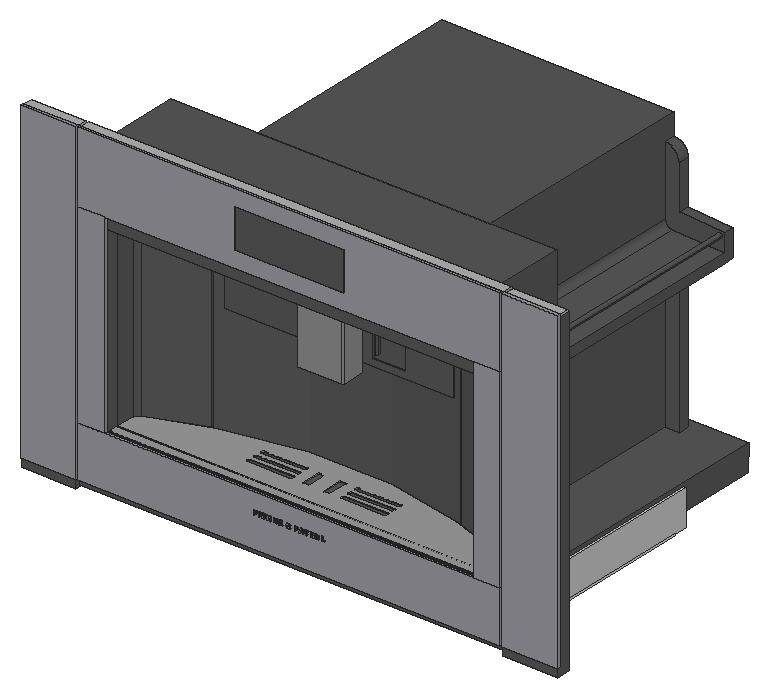
Revit family "gapped-FP-Revit20-en-EB60_BuiltInCoffeeMaker-incl-76cmTrimKits-0-9000xxxxA-NZ-AU", category Specialty Equipment, Revit 2020
Family settings
  Round Connector Dimension = Use Diameter
  Part Type = Normal
  OmniClass Number = 23.40.40.14.17.31
  OmniClass Title = Small Specialized Cooking Equipment
  Work Plane-Based = No
  Always vertical = Yes
  Cut with Voids When Loaded = Yes
  Shared = No
  Room Calculation Point = No
Parameters (values of type "EB60MSG3 with TK7630NMG3 Trim Kit")
  Visibility - Trim Kit = yes
  Visibility - Clearance Required = yes
  Visibility - 2 x 1mm thick spacers = yes
  URL = "www.fisherpaykel.com"
  Type Comments = "Minimal Grey"
  Style - Trims = 30in-76cm Coffee Trims : Coffee Trim Minimal (Grey)
  Style - Front = 30in-76cm Coffee Fronts : Coffee Front Minimal (Grey)
  Opening - Width = 762 mm
  Opening - Height = 460 mm  # constant formula
  Opening - Depth = 20 mm
  Model = "EB60MSG3 with TK7630NMG3 Trim Kit"
  Material - Front = Fisher & Paykel - Glass, Grey
  Manufacturer = "Fisher & Paykel Appliances"
  Gap Lower - Height = 9 mm
  Description = "30in Built-In Coffee Maker"
  Default Elevation = 0 mm
  Connector Description - Electrical = "220-240 V, 50 Hz, 10 A Service"  # constant formula
  Cavity - Width = 560 mm  # constant formula
  Cavity - Height = 450 mm  # constant formula
  Cavity - Depth = 550 mm  # constant formula
Reference planes
  plane 1 "Center (Front/Back)": y = 0
  plane 2: z = 0
  plane 3 "Center (Left/Right)": x = 0
  plane 4 "Opening - Height": z = 460
  plane 5 "Product - Height": z = 458
  plane 6 "Opening - LHS": x = -381
  plane 7 "Opening - RHS": x = 381
  plane 8 "Cavity LHS": x = -280
  plane 9 "Cavity RHS": x = 280
  plane 10 "Cavity - Depth": y = 550
  plane 11 "Front": y = -20
  plane 12 "Slides": z = 2
  plane 13 "Cavity - Height": z = 450
  plane 14 "Product - LHS": x = -379
  plane 15 "Product - RHS": x = 379
Forms (mm)
  Extrusion 1, solid, material "Fisher & Paykel - Clearance Required", visible <- "Visibility - Clearance Required", detail levels coarse
    sketch origin (0, 0, 0) x (1, 0, 0) y (0, 1, 0)
      loop
        line (-280, 0) -> (280, 0) -> (280, 550) -> (-280, 550) -> (-280, 0)
    from 0 to 450
  Extrusion 2, void
    sketch origin (0, 0, 0) x (1, 0, 0) y (0, 1, 0)
      loop
        line (-280, 550) -> (-280, 0) -> (280, 0) -> (280, 550) -> (-280, 550)
    from 0 to 450
  Extrusion 3, solid, material "Fisher & Paykel - Clearance Required", visible <- "Visibility - Clearance Required", detail levels coarse
    sketch origin (0, 0, 0) x (1, 0, 0) y (0, 1, 0)
      loop
        line (-381, 0) -> (-381, -20) -> (-299, -20) -> (-299, -440) -> (299, -440) -> (299, -20) -> (381, -20) -> (381, 0) -> (-381, 0)
    from 0 to 460
  Extrusion 4, void
    sketch origin (0, 0, 0) x (1, 0, 0) y (0, 1, 0)
      loop
        line (-381, 0) -> (-381, -20) -> (381, -20) -> (381, 0) -> (-381, 0)
    from 0 to 460
  Extrusion 5, solid, visible <- "Visibility - 2 x 1mm thick spacers"
    sketch origin (0, 0, 0) x (1, 0, 0) y (0, 1, 0)
      loop
        line (-245, 309.699) -> (-280, 309.699) -> (-280, 4.699) -> (-245, 4.699) -> (-245, 309.699)
      loop
        line (245, 309.699) -> (245, 4.699) -> (280, 4.699) -> (280, 309.699) -> (245, 309.699)
    from 0 to 2
Text (mm)
  text "Due to ongoing product development, product details are subject to change without notice. \nPlease always refer to www.fisherpaykel.com for the most current product information. \n© Fisher & Paykel 2020" at (41.04, -248.295, 0), in view "Ref. Level (Plan)"
Dimensions and locks
  equal spacing: plane 6 "Opening - LHS", plane 3 "Center (Left/Right)", plane 7 "Opening - RHS"
  "Opening - Width": plane 6 "Opening - LHS" to plane 7 "Opening - RHS"
  equal spacing: plane 8 "Cavity LHS", plane 3 "Center (Left/Right)", plane 9 "Cavity RHS"
  "Cavity - Width": plane 8 "Cavity LHS" to plane 9 "Cavity RHS"
  "Cavity - Depth": plane 10 "Cavity - Depth" to plane 1 "Center (Front/Back)"
  "Opening - Depth": plane 11 "Front" to plane 1 "Center (Front/Back)"
  "Cavity - Height": level to plane 13 "Cavity - Height"
  "Opening - Height": plane 4 "Opening - Height" to level
  locked: Extrusion 3 to plane 11 "Front" at 420
  aligned and locked: level to plane 2
  aligned and locked: Extrusion 1 to Extrusion 2
  aligned and locked: Extrusion 2 to plane 13 "Cavity - Height"
  aligned and locked: nested 1 to plane 1 "Center (Front/Back)"
  aligned and locked: plane 3 "Center (Left/Right)" to nested 2
  aligned and locked: plane 11 "Front" to nested 2
  aligned and locked: plane 1 "Center (Front/Back)" to Extrusion 3 sketch curve
  aligned and locked: plane 1 "Center (Front/Back)" to Extrusion 4 sketch curve
  aligned and locked: plane 11 "Front" to Extrusion 4 sketch curve
  aligned and locked: plane 3 "Center (Left/Right)" to nested 3
  aligned and locked: Extrusion 2 to plane 9 "Cavity RHS"
  aligned and locked: Extrusion 1 to plane 9 "Cavity RHS"
  aligned and locked: Extrusion 1 to plane 8 "Cavity LHS"
  aligned and locked: Extrusion 2 to plane 8 "Cavity LHS"
  aligned and locked: plane 11 "Front" to nested 3
  aligned and locked: plane 6 "Opening - LHS" to Extrusion 4
  aligned and locked: Extrusion 4 to plane 7 "Opening - RHS"
  aligned and locked: Extrusion 3 sketch curve to plane 6 "Opening - LHS"
  aligned and locked: plane 11 "Front" to Extrusion 3 sketch curve  (x2)
  aligned and locked: plane 7 "Opening - RHS" to Extrusion 3 sketch curve
  aligned and locked: Extrusion 5 to plane 12 "Slides"
  aligned and locked: Extrusion 5 to level
Automatic sketch dimensions
  Extrusion 1 sketch curve to plane 10 "Cavity - Depth" = 0 mm
  plane 1 "Center (Front/Back)" to Extrusion 1 sketch curve = 0 mm
  Extrusion 1 sketch curve to plane 6 "Opening - LHS" = 101 mm
  plane 7 "Opening - RHS" to Extrusion 1 sketch curve = 101 mm
  plane 1 "Center (Front/Back)" to Extrusion 2 sketch curve = 0 mm
  Extrusion 2 sketch curve to plane 10 "Cavity - Depth" = 0 mm
  Extrusion 2 sketch curve to plane 6 "Opening - LHS" = 101 mm
  plane 7 "Opening - RHS" to Extrusion 2 sketch curve = 101 mm
  Extrusion 4 sketch curve to plane 9 "Cavity RHS" = 101 mm
  plane 8 "Cavity LHS" to Extrusion 4 sketch curve = 101 mm
  Extrusion 3 sketch curve to plane 11 "Front" = 420 mm
  Extrusion 5 sketch curve to plane 8 "Cavity LHS" = 0 mm
  Extrusion 5 sketch curve to plane 9 "Cavity RHS" = 0 mm
  Extrusion 5 sketch curve to plane 1 "Center (Front/Back)" = 4.699 mm  (x2)
  Extrusion 5 sketch curve to plane 8 "Cavity LHS" = 35 mm
  Extrusion 5 sketch curve to Extrusion 5 sketch curve = 35 mm
  Extrusion 5 sketch curve to plane 10 "Cavity - Depth" = 240.301 mm  (x2)
  plane 8 "Cavity LHS" to Extrusion 3 sketch curve = 19 mm
  Extrusion 3 sketch curve to plane 9 "Cavity RHS" = 19 mm
Nested families
  nested 1: "Coffee Chassis" at (0, -16, 0), type "Chassis Black"
  nested 2: "30in-76cm Coffee Fronts" at (0, 0, 0), type <- "Style - Front", type "Coffee Front Minimal (Grey)"
  nested 3: "30in-76cm Coffee Trims" at (0, 0, 0), type <- "Style - Trims", visible <- "Visibility - Trim Kit", type "Coffee Trim Minimal (Grey)"
Connectors
  electrical at (-101.254, 440, 186.022), driven by "Connector Description - Electrical"
    settings: on nested 1, index 1, voltage 240 V, apparent load 0 VA, apparent load phase1 0 VA, apparent load phase2 0 VA, apparent load phase3 0 VA, power factor 1, load classification "Other", number of poles 1, system type 30, power factor state 1, is connector primary yes, connector utility no, sub classification motor no, connector description "220-240 V, 50 Hz, 10 A Service"
Definition of nested family "Coffee Chassis"
  Parameters (values of type "Chassis Black")
    URL = "www.fisherpaykel.com"
    Product - Width = 596 mm  # constant formula
    Product - Height = 454 mm  # constant formula
    Product - Depth = 476 mm  # constant formula
    Model = ""
    Material - Trim = none
    Material - Tray = none
    Material - Slides = none
    Material - Body = none
    Manufacturer = "Fisher & Paykel Appliances"
    Description = ""
    Default Elevation = 0 mm
    Control Panel - Depth = 20 mm  # constant formula
    Chassis - Width = 560 mm  # constant formula
    Chassis - Height = 445 mm  # constant formula
    Chassis - Depth = 460 mm  # constant formula
  Reference planes
    plane 1 "Front": y = 0
    plane 2: z = 0
    plane 3 "Center (Left/Right)": x = 0
    plane 4 "Product LHS": x = -298
    plane 5 "Product RHS": x = 298
    plane 6 "Product Depth": y = 476
    plane 7 "Slides": z = 2
    plane 8 "Chassis - Height": z = 445
    plane 9 "Mouth - Top": z = 341
    plane 10 "Mouth - Bottom": z = 85
    plane 11 "Chassis LHS": x = -280
    plane 12 "Chassis RHS": x = 280
    plane 13 "Datum": y = 16
    plane 14 "Product - Height": z = 454
    plane 15 "Base": z = 14.93
    plane 16 "Gap - Bottom": z = 5
  Forms (mm)
    Extrusion 1, solid, material <- "Material - Body"
      sketch origin (0, 0, 0) x (0, 1, 0) y (0, 0, 1)
        loop
          line (128.374, 53.16) -> (128.374, 445) -> (16, 445) -> (16, 14.93) -> (465.804, 14.93) -> (465.804, 53.16) -> (128.374, 53.16)
      from -272 to 271.988
    Extrusion 2, solid, material <- "Material - Body", detail levels fine
      sketch origin (0, 0, 915) x (1, 0, 0) y (0, 0, 1)
        loop
          circle (255.488, -592.902) r 3
        loop
          arc (187.563, -609.055) -> (180.786, -606.262) -> (177.977, -599.491) r 9.564
          line (177.977, -599.491) -> (177.977, -470) -> (-150, -470) -> (-150, -598.732)
          arc (-150, -598.732) -> (-152.821, -605.693) -> (-159.691, -608.727) r 10
          line (-159.691, -608.727) -> (-262.013, -611.888) -> (-262.013, -626.018) -> (-159.512, -631.025)
          arc (-159.512, -631.025) -> (-152.758, -634.117) -> (-150, -641.013) r 10
          line (-150, -641.013) -> (-150, -861.84) -> (177.977, -861.84) -> (177.977, -640.642)
          arc (177.977, -640.642) -> (180.691, -633.793) -> (187.359, -630.661) r 10
          line (187.359, -630.661) -> (261.48, -626.071) -> (261.48, -612.279) -> (187.563, -609.055)
        loop
          circle (-255.488, -591.866) r 3
      from -436.81 to -128.374
    Extrusion 3, solid, material <- "Material - Body", detail levels fine
      sketch origin (0, 0, 0) x (1, 0, 0) y (0, 0, 1)
        loop
          line (261.565, 327.556) -> (197.96, 331.426) -> (197.96, 393.606)
          arc (197.96, 393.606) -> (192.107, 407.736) -> (177.977, 413.589) r 19.983
          line (177.977, 413.589) -> (177.977, 445) -> (-150, 445) -> (-150, 413.178)
          arc (-150, 413.178) -> (-164.13, 407.325) -> (-169.983, 393.195) r 19.983
          line (-169.983, 393.195) -> (-169.983, 331.879) -> (-262.057, 328.011) -> (-262.057, 288.985) -> (-170, 284.487) -> (-170, 53.16) -> (197.977, 53.16) -> (197.977, 286.156) -> (261.565, 288.933) -> (261.565, 327.556)
      from -452.248 to -436.81
    Extrusion 4, void
      sketch origin (0, 0, 0) x (1, 0, 0) y (0, 1, 0)
        loop
          line (-260.211, 0) -> (260.211, 0) -> (258.097, 43.307)
          arc (258.097, 43.307) -> (256.532, 47.844) -> (252.912, 50.994) r 9.287
          arc (252.912, 50.994) -> (215.2, 66.982) -> (176.484, 80.359) r 600.007
          line (176.484, 80.359) -> (176.484, 87.818) -> (173.853, 87.818) -> (173.853, 81.162)
          arc (173.853, 81.162) -> (0, 106.902) -> (-173.853, 81.162) r 600.007
          line (-173.853, 81.162) -> (-173.853, 87.818) -> (-176.484, 87.818) -> (-176.484, 80.359)
          arc (-176.484, 80.359) -> (-215.2, 66.982) -> (-252.912, 50.994) r 600.007
          arc (-252.912, 50.994) -> (-256.532, 47.844) -> (-258.097, 43.307) r 9.287
          line (-258.097, 43.307) -> (-260.211, 0)
      from 85 to 341
    Extrusion 5, solid, material <- "Material - Body", detail levels fine
      sketch origin (0, 0, 0) x (1, 0, 0) y (0, 1, 0)
        loop
          line (-238.877, 56.473) -> (238.036, 56.473) -> (238.036, 116.01) -> (-238.877, 116.01) -> (-238.877, 56.473)
      from 314 to 341
    Extrusion 6, solid, material <- "Material - Trim", detail levels medium+fine
      sketch origin (0, 0, 0) x (1, 0, 0) y (0, 1, 0)
        loop
          line (-33, 83.529) -> (-33, 52.807)
          arc (-33, 52.807) -> (-32.412, 51.388) -> (-30.993, 50.8) r 2.007
          line (-30.993, 50.8) -> (31, 50.8)
          arc (31, 50.8) -> (32.414, 51.386) -> (33, 52.8) r 2
          line (33, 52.8) -> (33, 83.529) -> (-33, 83.529)
      from 225.543 to 324.588
    Extrusion 7, solid, material <- "Material - Body", detail levels coarse+medium
      sketch origin (0, -20, 915) x (-1, 0, 0) y (0, 0, 1)
        loop
          line (-197.977, -582.445) -> (-261.48, -582.445) -> (-261.48, -628.151) -> (-197.977, -628.151) -> (-197.977, -861.84) -> (170, -861.84) -> (170, -628.151) -> (261.967, -628.151) -> (261.967, -582.445) -> (170, -582.445) -> (170, -470) -> (-197.977, -470) -> (-197.977, -582.445)
      from 148.374 to 472.248
    Extrusion 8, solid, material <- "Material - Slides"
      sketch origin (0, 0, 0) x (1, 0, 0) y (0, 0, 1)
        loop
          line (254.775, 2) -> (280, 2) -> (280, 52.016) -> (277.498, 52.016) -> (277.498, 4.93) -> (259.1, 4.93) -> (259.1, 32.03) -> (235, 32.03) -> (235, 3.438) -> (254.775, 3.438) -> (254.775, 2)
        loop
          line (-254.775, 2) -> (-254.775, 3.539) -> (-235, 3.539) -> (-235, 32.03) -> (-259.1, 32.03) -> (-259.1, 4.93) -> (-277.498, 4.93) -> (-277.498, 52.016) -> (-280, 52.016) -> (-280, 2) -> (-254.775, 2)
      from -345.209 to -18.121
    Extrusion 9, solid, material <- "Material - Tray", detail levels fine
      sketch origin (0, 0, 0) x (1, 0, 0) y (0, 1, 0)
        loop
          line (-260.065, 3) -> (260.065, 3) -> (258.113, 42.974)
          arc (258.113, 42.974) -> (256.505, 47.816) -> (252.624, 51.127) r 9.5
          arc (252.624, 51.127) -> (0.01, 106.902) -> (-252.606, 51.136) r 600.007
          arc (-252.606, 51.136) -> (-256.5, 47.813) -> (-258.114, 42.954) r 9.532
          line (-258.114, 42.954) -> (-260.065, 3)
        loop
          arc (-96.162, 73.7) -> (-99.162, 70.7) -> (-96.162, 67.7) r 3
          line (-96.162, 67.7) -> (-36.788, 67.7)
          arc (-36.788, 67.7) -> (-33.788, 70.7) -> (-36.788, 73.7) r 3
          line (-36.788, 73.7) -> (-96.162, 73.7)
        loop
          arc (-96.162, 61.7) -> (-99.162, 58.7) -> (-96.162, 55.7) r 3
          line (-96.162, 55.7) -> (-36.788, 55.7)
          arc (-36.788, 55.7) -> (-33.788, 58.7) -> (-36.788, 61.7) r 3
          line (-36.788, 61.7) -> (-96.162, 61.7)
        loop
          arc (-96.162, 49.7) -> (-99.162, 46.7) -> (-96.162, 43.7) r 3
          line (-96.162, 43.7) -> (-36.788, 43.7)
          arc (-36.788, 43.7) -> (-33.788, 46.7) -> (-36.788, 49.7) r 3
          line (-36.788, 49.7) -> (-96.162, 49.7)
        loop
          line (-19.49, 73.102) -> (-19.49, 44.102) -> (-10.49, 44.102) -> (-10.49, 73.102) -> (-19.49, 73.102)
        loop
          line (96.162, 73.7) -> (36.788, 73.7)
          arc (36.788, 73.7) -> (33.788, 70.7) -> (36.788, 67.7) r 3
          line (36.788, 67.7) -> (96.162, 67.7)
          arc (96.162, 67.7) -> (99.162, 70.7) -> (96.162, 73.7) r 3
        loop
          line (96.162, 61.7) -> (36.788, 61.7)
          arc (36.788, 61.7) -> (33.788, 58.7) -> (36.788, 55.7) r 3
          line (36.788, 55.7) -> (96.162, 55.7)
          arc (96.162, 55.7) -> (99.162, 58.7) -> (96.162, 61.7) r 3
        loop
          line (96.162, 49.7) -> (36.788, 49.7)
          arc (36.788, 49.7) -> (33.788, 46.7) -> (36.788, 43.7) r 3
          line (36.788, 43.7) -> (96.162, 43.7)
          arc (96.162, 43.7) -> (99.162, 46.7) -> (96.162, 49.7) r 3
        loop
          line (19.49, 73.102) -> (10.49, 73.102) -> (10.49, 44.102) -> (19.49, 44.102) -> (19.49, 73.102)
      from 84.2 to 85.2
    Extrusion 10, solid, material <- "Material - Body"
      sketch origin (0, 0, 0) x (0, 1, 0) y (0, 0, 1)
        loop
          line (465.804, 40.93) -> (465.804, 14.93) -> (476, 14.93) -> (476, 40.93) -> (465.804, 40.93)
      from -56 to 56
    Extrusion 11, solid, material <- "Material - Body"
      sketch origin (0, 0, 0) x (1, 0, 0) y (0, 0, 1)
        loop
          line (-298, 454) -> (-298, 5) -> (298, 5) -> (298, 454) -> (-298, 454)
        loop
          line (-47, 433.93) -> (-47, 380.93) -> (47, 380.93) -> (47, 433.93) -> (-47, 433.93)
      from -16 to 0
    Extrusion 12, solid, material <- "Material - Body"
      sketch origin (0, 0, 0) x (1, 0, 0) y (0, 1, 0)
        loop
          line (-122.901, 460.543) -> (-122.901, 452.248) -> (-79.501, 452.248) -> (-79.501, 460.543) -> (-122.901, 460.543)
      from 214 to 292
    Extrusion 13, solid, material <- "Material - Body", detail levels medium+fine
      sketch origin (0, -0.938, 0) x (1, 0, 0) y (0, 1, 0)
        loop
          circle (-101.254, 456.938) r 3
      from 186.022 to 214
    Extrusion 14, solid, material <- "Material - Body", detail levels fine
      sketch origin (0, 0, 0) x (1, 0, 0) y (0, 0, 1)
        loop
          line (156.598, 369.528) -> (-63.802, 369.528) -> (-63.802, 164.332) -> (156.598, 164.332) -> (156.598, 369.528)
      from -462.6 to -452.248
    Extrusion 15, solid, material <- "Material - Body"
      sketch origin (0, 0, 0) x (1, 0, 0) y (0, 0, 1)
        loop
          circle (-78, 71.181) r 5
        loop
          circle (-78, 71.181) r 3
      from -460 to -452.248
    Extrusion 16, solid, material <- "Material - Body", detail levels fine
      sketch origin (0, 0, 0) x (1, 0, 0) y (0, 0, 1)
        loop
          line (-162.217, 314) -> (-162.217, 239.014) -> (162.217, 239.014) -> (162.217, 314) -> (-162.217, 314)
        loop
          line (48, 302.226) -> (48, 248.46) -> (95, 248.46) -> (95, 302.226) -> (48, 302.226)
        loop
          line (53, 294.726) -> (53, 255.96) -> (56, 255.96) -> (56, 294.726) -> (53, 294.726)
      from -116.01 to -83.529
    Extrusion 17, solid, material <- "Material - Body", detail levels fine
      sketch origin (0, 0, 0) x (-1, 0, 0) y (0, -1, 0)
        loop
          line (245, -320.699) -> (280, -320.699) -> (280, -20.699) -> (245, -20.699) -> (245, -320.699)
      from 0 to 2
    Extrusion 18, solid, material <- "Material - Body", detail levels fine
      sketch origin (0, 0, 0) x (1, 0, 0) y (0, 0, 1)
        loop
          line (48, 302.226) -> (48, 248.46) -> (95, 248.46) -> (95, 302.226) -> (48, 302.226)
      from -116.01 to -86
  Cuts and joins
    Extrusion 4 cuts Extrusion 1
    Extrusion 4 cuts Extrusion 11
    joined: Extrusion 2, Extrusion 3
  Text (mm)
    text "Due to ongoing product development, product details are subject to change without notice. \nPlease always refer to www.fisherpaykel.com for the most current product information. \n© Fisher & Paykel 2020" at (41.04, -248.295, 0), in view "Ref. Level (Plan)"
  Dimensions and locks
    equal spacing: plane 4 "Product LHS", plane 3 "Center (Left/Right)", plane 5 "Product RHS"
    "Product - Width": plane 4 "Product LHS" to plane 5 "Product RHS"
    equal spacing: plane 11 "Chassis LHS", plane 3 "Center (Left/Right)", plane 12 "Chassis RHS"
    "Chassis - Width": plane 11 "Chassis LHS" to plane 12 "Chassis RHS"
    "Product - Depth": plane 6 "Product Depth" to plane 1 "Front"
    locked: plane 9 "Mouth - Top" to plane 10 "Mouth - Bottom" at 256
    Extrusion 6 to Extrusion 6 = 99.045 mm
    Extrusion 6 to plane 10 "Mouth - Bottom" = 140.543 mm
    "Chassis - Depth": plane 6 "Product Depth" to plane 13 "Datum"
    "Chassis - Height": plane 8 "Chassis - Height" to level
    "Product - Height": level to plane 14 "Product - Height"
    locked: plane 16 "Gap - Bottom" to level at 5
    locked: plane 10 "Mouth - Bottom" to level at 85
    aligned and locked: level to plane 2
    aligned and locked: Extrusion 2 to Extrusion 1
    aligned and locked: Extrusion 3 to Extrusion 2  (x2)
    aligned and locked: Extrusion 4 to Extrusion 5
    aligned and locked: plane 9 "Mouth - Top" to cut or joined group of Extrusion 1, Extrusion 4
    aligned and locked: plane 10 "Mouth - Bottom" to cut or joined group of Extrusion 1, Extrusion 4
    aligned and locked: Extrusion 7 to Extrusion 7  (x2)
    aligned and locked: plane 8 "Chassis - Height" to cut or joined group of Extrusion 1, Extrusion 4
    aligned and locked: plane 8 "Chassis - Height" to Extrusion 2
    aligned and locked: Extrusion 3 sketch curve to cut or joined group of Extrusion 1, Extrusion 4
    aligned and locked: Extrusion 10 sketch curve to plane 6 "Product Depth"
    aligned and locked: Extrusion 1 sketch curve to Extrusion 10
    aligned and locked: Extrusion 11 sketch curve to plane 4 "Product LHS"
    aligned and locked: plane 5 "Product RHS" to Extrusion 11 sketch curve
    aligned and locked: plane 14 "Product - Height" to Extrusion 11 sketch curve
    aligned and locked: plane 13 "Datum" to Extrusion 11
    aligned and locked: plane 1 "Front" to Extrusion 4
    aligned and locked: plane 12 "Chassis RHS" to Extrusion 8
    aligned and locked: Extrusion 7 to cut or joined group of Extrusion 1, Extrusion 4
    aligned and locked: Extrusion 13 to Extrusion 12
    aligned and locked: cut or joined group of Extrusion 1, Extrusion 4 to Extrusion 2 sketch curve
    aligned and locked: plane 16 "Gap - Bottom" to cut or joined group of Extrusion 4, Extrusion 11
    aligned and locked: Extrusion 3 sketch curve to Extrusion 2  (x2)
    aligned and locked: Extrusion 14 to Extrusion 3
    aligned and locked: Extrusion 5 to Extrusion 16
    aligned and locked: Extrusion 17 to plane 7 "Slides"
    aligned and locked: Extrusion 17 to level
  Automatic sketch dimensions
    Extrusion 1 sketch curve to plane 13 "Datum" = 0 mm
    Extrusion 1 sketch curve to plane 8 "Chassis - Height" = 0 mm
    plane 10 "Mouth - Bottom" to Extrusion 1 sketch curve = 31.84 mm
    Extrusion 1 sketch curve to plane 6 "Product Depth" = 10.196 mm
    Extrusion 2 sketch curve to plane 8 "Chassis - Height" = 0 mm
    plane 11 "Chassis LHS" to Extrusion 2 sketch curve = 17.987 mm
    Extrusion 2 sketch curve to Extrusion 2 sketch curve = 6.524 mm
    Extrusion 2 sketch curve to plane 9 "Mouth - Top" = 24.732 mm
    Extrusion 2 sketch curve to Extrusion 2 sketch curve = 95.488 mm
    Extrusion 2 sketch curve to Extrusion 2 sketch curve = 0 mm
    Extrusion 2 sketch curve to plane 9 "Mouth - Top" = 34.727 mm
    Extrusion 2 sketch curve to Extrusion 2 sketch curve = 0.309 mm
    Extrusion 2 sketch curve to plane 9 "Mouth - Top" = 57.025 mm
    Extrusion 2 sketch curve to Extrusion 2 sketch curve = 0.488 mm
    plane 11 "Chassis LHS" to Extrusion 2 sketch curve = 130 mm
    Extrusion 2 sketch curve to plane 12 "Chassis RHS" = 102.023 mm  (x2)
    Extrusion 2 sketch curve to plane 9 "Mouth - Top" = 56.661 mm
    Extrusion 2 sketch curve to Extrusion 2 sketch curve = 9.382 mm
    Extrusion 2 sketch curve to Extrusion 2 sketch curve = 9.564 mm
    Extrusion 2 sketch curve to plane 9 "Mouth - Top" = 35.055 mm
    Extrusion 2 sketch curve to Extrusion 2 sketch curve = 0.022 mm
    Extrusion 2 sketch curve to Extrusion 2 sketch curve = 10 mm
    Extrusion 2 sketch curve to plane 12 "Chassis RHS" = 24.512 mm
    Extrusion 2 sketch curve to plane 12 "Chassis RHS" = 18.52 mm
    Extrusion 2 sketch curve to plane 9 "Mouth - Top" = 52.071 mm
    Extrusion 2 sketch curve to plane 9 "Mouth - Top" = 52.018 mm
    Extrusion 2 sketch curve to Extrusion 2 sketch curve = 13.792 mm
    Extrusion 2 sketch curve to Extrusion 2 sketch curve = 14.129 mm
    Extrusion 2 sketch curve to plane 9 "Mouth - Top" = 18.902 mm
    Extrusion 2 sketch curve to plane 9 "Mouth - Top" = 17.866 mm
    Extrusion 3 sketch curve to plane 8 "Chassis - Height" = 0 mm
    Extrusion 3 sketch curve to plane 9 "Mouth - Top" = 9.121 mm
    Extrusion 3 sketch curve to Extrusion 3 sketch curve = 19.983 mm  (x2)
    Extrusion 3 sketch curve to Extrusion 3 sketch curve = 0.017 mm
    plane 11 "Chassis LHS" to Extrusion 3 sketch curve = 17.943 mm
    Extrusion 3 sketch curve to plane 9 "Mouth - Top" = 9.574 mm
    Extrusion 3 sketch curve to plane 12 "Chassis RHS" = 82.023 mm
    Extrusion 3 sketch curve to plane 12 "Chassis RHS" = 18.435 mm
    Extrusion 3 sketch curve to Extrusion 3 sketch curve = 47.392 mm
    Extrusion 3 sketch curve to Extrusion 3 sketch curve = 45.269 mm
    Extrusion 3 sketch curve to plane 9 "Mouth - Top" = 52.067 mm
    Extrusion 3 sketch curve to plane 9 "Mouth - Top" = 52.015 mm
    Extrusion 3 sketch curve to plane 9 "Mouth - Top" = 13.444 mm
    Extrusion 3 sketch curve to plane 9 "Mouth - Top" = 12.989 mm
    Extrusion 3 sketch curve to plane 8 "Chassis - Height" = 51.805 mm
    Extrusion 3 sketch curve to plane 8 "Chassis - Height" = 51.394 mm
    Extrusion 4 sketch curve to Extrusion 4 sketch curve = 0 mm  (x4)
    plane 1 "Front" to Extrusion 4 sketch curve = 0 mm
    Extrusion 4 sketch curve to plane 3 "Center (Left/Right)" = 0 mm
    plane 11 "Chassis LHS" to Extrusion 4 sketch curve = 106.147 mm
    Extrusion 4 sketch curve to Extrusion 4 sketch curve = 2.63 mm  (x2)
    plane 11 "Chassis LHS" to Extrusion 4 sketch curve = 31.167 mm
    Extrusion 4 sketch curve to Extrusion 4 sketch curve = 9.264 mm  (x2)
    plane 11 "Chassis LHS" to Extrusion 4 sketch curve = 19.789 mm
    Extrusion 4 sketch curve to plane 12 "Chassis RHS" = 106.147 mm
    Extrusion 4 sketch curve to plane 12 "Chassis RHS" = 31.167 mm
    Extrusion 4 sketch curve to plane 12 "Chassis RHS" = 19.789 mm
    plane 1 "Front" to Extrusion 4 sketch curve = 493.105 mm
    Extrusion 4 sketch curve to Extrusion 4 sketch curve = 0.657 mm  (x2)
    Extrusion 4 sketch curve to plane 1 "Front" = 80.359 mm  (x2)
    Extrusion 4 sketch curve to Extrusion 4 sketch curve = 0.803 mm
    Extrusion 4 sketch curve to Extrusion 4 sketch curve = 6.656 mm  (x2)
    plane 11 "Chassis LHS" to Extrusion 5 sketch curve = 41.123 mm
    Extrusion 5 sketch curve to plane 12 "Chassis RHS" = 41.964 mm
    Extrusion 5 sketch curve to Extrusion 5 sketch curve = 59.537 mm
    Extrusion 6 sketch curve to plane 3 "Center (Left/Right)" = 33 mm
    Extrusion 6 sketch curve to Extrusion 6 sketch curve = 2.007 mm
    plane 3 "Center (Left/Right)" to Extrusion 6 sketch curve = 31 mm
    plane 3 "Center (Left/Right)" to Extrusion 6 sketch curve = 33 mm
    Extrusion 6 sketch curve to Extrusion 6 sketch curve = 30.729 mm
    Extrusion 7 sketch curve to plane 8 "Chassis - Height" = 0 mm
    Extrusion 7 sketch curve to plane 12 "Chassis RHS" = 18.52 mm
    Extrusion 7 sketch curve to plane 9 "Mouth - Top" = 8.445 mm  (x2)
    Extrusion 7 sketch curve to Extrusion 7 sketch curve = 63.503 mm
    Extrusion 7 sketch curve to Extrusion 7 sketch curve = 0 mm  (x2)
    Extrusion 7 sketch curve to plane 9 "Mouth - Top" = 54.151 mm
    plane 11 "Chassis LHS" to Extrusion 7 sketch curve = 110 mm
    plane 11 "Chassis LHS" to Extrusion 7 sketch curve = 18.033 mm
    Extrusion 7 sketch curve to Extrusion 7 sketch curve = 45.705 mm
    plane 10 "Mouth - Bottom" to Extrusion 7 sketch curve = 31.84 mm
    Extrusion 9 sketch curve to plane 3 "Center (Left/Right)" = 0 mm
    Extrusion 9 sketch curve to plane 3 "Center (Left/Right)" = 10.49 mm
    Extrusion 9 sketch curve to Extrusion 9 sketch curve = 9 mm  (x2)
    Extrusion 9 sketch curve to Extrusion 9 sketch curve = 17.298 mm  (x3)
    Extrusion 9 sketch curve to Extrusion 9 sketch curve = 0 mm  (x9)
    Extrusion 9 sketch curve to Extrusion 9 sketch curve = 59.375 mm  (x2)
    plane 11 "Chassis LHS" to Extrusion 9 sketch curve = 31.407 mm
    Extrusion 9 sketch curve to Extrusion 9 sketch curve = 9.521 mm
    Extrusion 9 sketch curve to plane 1 "Front" = 3 mm
    plane 11 "Chassis LHS" to Extrusion 9 sketch curve = 19.935 mm
    plane 3 "Center (Left/Right)" to Extrusion 9 sketch curve = 10.49 mm
    Extrusion 9 sketch curve to plane 12 "Chassis RHS" = 31.376 mm
    Extrusion 9 sketch curve to Extrusion 9 sketch curve = 9.489 mm
    Extrusion 9 sketch curve to plane 12 "Chassis RHS" = 19.935 mm
    plane 1 "Front" to Extrusion 9 sketch curve = 493.105 mm
    Extrusion 9 sketch curve to Extrusion 9 sketch curve = 0.465 mm
    Extrusion 9 sketch curve to Extrusion 9 sketch curve = 0.463 mm
    Extrusion 9 sketch curve to Extrusion 9 sketch curve = 3 mm  (x6)
    Extrusion 9 sketch curve to Extrusion 9 sketch curve = 6 mm  (x4)
    Extrusion 9 sketch curve to Extrusion 9 sketch curve = 0.598 mm  (x2)
    plane 15 "Base" to Extrusion 10 sketch curve = 0 mm
    Extrusion 10 sketch curve to plane 6 "Product Depth" = 10.196 mm
    Extrusion 10 sketch curve to plane 15 "Base" = 26 mm
    Extrusion 11 sketch curve to plane 16 "Gap - Bottom" = 0 mm
    Extrusion 11 sketch curve to plane 8 "Chassis - Height" = 11.07 mm
    Extrusion 11 sketch curve to plane 3 "Center (Left/Right)" = 47 mm
    plane 3 "Center (Left/Right)" to Extrusion 11 sketch curve = 47 mm
    plane 9 "Mouth - Top" to Extrusion 11 sketch curve = 39.93 mm
    Extrusion 12 sketch curve to plane 6 "Product Depth" = 23.752 mm
    Extrusion 12 sketch curve to plane 3 "Center (Left/Right)" = 122.901 mm
    Extrusion 12 sketch curve to Extrusion 12 sketch curve = 43.4 mm
    Extrusion 12 sketch curve to Extrusion 12 sketch curve = 8.295 mm
    Extrusion 13 sketch curve to plane 6 "Product Depth" = 20 mm
    Extrusion 13 sketch curve to plane 3 "Center (Left/Right)" = 101.254 mm
    plane 9 "Mouth - Top" to Extrusion 14 sketch curve = 28.528 mm
    Extrusion 14 sketch curve to plane 3 "Center (Left/Right)" = 63.802 mm
    Extrusion 14 sketch curve to plane 12 "Chassis RHS" = 123.402 mm
    Extrusion 14 sketch curve to plane 10 "Mouth - Bottom" = 79.332 mm
    Extrusion 15 sketch curve to Extrusion 15 sketch curve = 0 mm  (x2)
    plane 10 "Mouth - Bottom" to Extrusion 15 sketch curve = 13.819 mm
    Extrusion 15 sketch curve to plane 3 "Center (Left/Right)" = 78 mm
    Extrusion 17 sketch curve to plane 11 "Chassis LHS" = 0 mm
    Extrusion 17 sketch curve to plane 11 "Chassis LHS" = 35 mm
    Extrusion 8 sketch curve to plane 11 "Chassis LHS" = 0 mm
    Extrusion 8 sketch curve to plane 7 "Slides" = 0 mm  (x2)
    Extrusion 8 sketch curve to plane 12 "Chassis RHS" = 0 mm
    Extrusion 8 sketch curve to plane 16 "Gap - Bottom" = 0.07 mm  (x2)
    plane 11 "Chassis LHS" to Extrusion 8 sketch curve = 2.502 mm
    Extrusion 8 sketch curve to Extrusion 8 sketch curve = 18.398 mm
    Extrusion 8 sketch curve to Extrusion 8 sketch curve = 4.325 mm
    Extrusion 8 sketch curve to Extrusion 8 sketch curve = 24.1 mm
    Extrusion 8 sketch curve to plane 15 "Base" = 17.1 mm  (x2)
    Extrusion 8 sketch curve to plane 12 "Chassis RHS" = 45 mm
    Extrusion 8 sketch curve to Extrusion 8 sketch curve = 19.775 mm
    Extrusion 8 sketch curve to plane 12 "Chassis RHS" = 20.9 mm
    Extrusion 8 sketch curve to plane 12 "Chassis RHS" = 2.502 mm
    Extrusion 8 sketch curve to plane 7 "Slides" = 1.438 mm
    Extrusion 8 sketch curve to plane 16 "Gap - Bottom" = 1.461 mm
    Extrusion 8 sketch curve to Extrusion 8 sketch curve = 19.986 mm  (x2)
    plane 13 "Datum" to Extrusion 1 sketch curve = 112.374 mm
    Extrusion 4 sketch curve to plane 1 "Front" = 42.65 mm  (x2)
    plane 13 "Datum" to Extrusion 5 sketch curve = 40.473 mm
    plane 13 "Datum" to Extrusion 6 sketch curve = 34.8 mm
    plane 13 "Datum" to Extrusion 9 sketch curve = 26.489 mm
    plane 13 "Datum" to Extrusion 9 sketch curve = 26.511 mm
    plane 13 "Datum" to Extrusion 9 sketch curve = 27.7 mm  (x2)
    Extrusion 9 sketch curve to Extrusion 9 sketch curve = 0.402 mm
    Extrusion 17 sketch curve to plane 13 "Datum" = 4.699 mm
    plane 6 "Product Depth" to Extrusion 17 sketch curve = 155.301 mm
    plane 11 "Chassis LHS" to Extrusion 16 sketch curve = 117.783 mm
    plane 3 "Center (Left/Right)" to Extrusion 16 sketch curve = 48 mm
    Extrusion 16 sketch curve to Extrusion 16 sketch curve = 5 mm
    Extrusion 16 sketch curve to Extrusion 16 sketch curve = 3 mm
    Extrusion 16 sketch curve to Extrusion 16 sketch curve = 39 mm
    Extrusion 16 sketch curve to Extrusion 16 sketch curve = 67.217 mm
    Extrusion 16 sketch curve to plane 9 "Mouth - Top" = 101.986 mm
    Extrusion 16 sketch curve to plane 9 "Mouth - Top" = 85.04 mm
    Extrusion 16 sketch curve to Extrusion 16 sketch curve = 7.5 mm  (x2)
    Extrusion 16 sketch curve to plane 9 "Mouth - Top" = 38.774 mm
    Extrusion 16 sketch curve to plane 9 "Mouth - Top" = 27 mm
    plane 3 "Center (Left/Right)" to Extrusion 18 sketch curve = 48 mm
    Extrusion 18 sketch curve to Extrusion 18 sketch curve = 47 mm
    Extrusion 18 sketch curve to plane 9 "Mouth - Top" = 92.54 mm
    Extrusion 18 sketch curve to plane 9 "Mouth - Top" = 38.774 mm
    radius of Extrusion 2 sketch curve = 3 mm  (x2)
    radius of Extrusion 13 sketch curve = 3 mm
    radius of Extrusion 15 sketch curve = 5 mm
    radius of Extrusion 15 sketch curve = 3 mm
Definition of nested family "30in-76cm Coffee Fronts"
  Parameters (values of type "Coffee Front Professional")
    Visibility - Professional = yes
    Visibility - Contemporary and Minimal = no
    URL = "www.fisherpaykel.com"
    Product - Width = 598 mm
    Product - Height = 458 mm  # constant formula
    Product - Depth = 24 mm
    Model = ""
    Material - Trim = none
    Material - Logo = none
    Material - Front = none
    Material - Display Panel = none
    Material - Body = none
    Manufacturer = "Fisher & Paykel Appliances"
    Keynote = ""
    Visibility - Interim Black US = no
    Gap Lower - Height = 13 mm
    Description = ""
    Default Elevation = 0 mm
  Types (5, lengths in mm): name | Visibility - Professional | Visibility - Contemporary and Minimal | Product - Width | Product - Depth | Visibility - Interim Black US | Gap Lower - Height
    Coffee Front Minimal (Grey) | no | yes | 596 | 20 | no | 12
    Coffee Front Professional | yes | no | 598 | 24 | no | 13
    Coffee Front Minimal (Black) | no | yes | 596 | 20 | no | 12
    Coffee Front Black INTERIM US | no | no | 596 | 20 | yes | 9
    Coffee Front Contemporary | no | yes | 596 | 20 | no | 12
  Reference planes
    plane 1 "Datum": y = 0
    plane 2: z = 0
    plane 3 "Center (Left/Right)": x = 0
    plane 4 "Product - Height": z = 458
    plane 5 "Front": y = -24
    plane 6 "Bottom Gap": z = 13
    plane 7 "Product - Width RHS": x = 299
    plane 8 "Product - Width LHS": x = -299
    plane 9 "Frame": y = -16
    plane 10 "A": z = 358
    plane 11 "D": x = 261
    plane 12 "B": z = 84.984
    plane 13 "C": x = -261
  Forms (mm)
    Extrusion 1, solid, material <- "Material - Front", detail levels coarse+medium
      sketch origin (0, 0, 0) x (1, 0, 0) y (0, 0, 1)
        loop
          line (-299, 458) -> (-299, 13) -> (299, 13) -> (299, 458) -> (-299, 458)
        loop
          line (-261, 84.984) -> (261, 84.984) -> (261, 358) -> (-261, 358) -> (-261, 84.984)
      from 16 to 24
    Extrusion 2, solid, material <- "Material - Front", visible <- "Visibility - Interim Black US", detail levels medium+fine
      sketch origin (0, 0, 0) x (1, 0, 0) y (0, 0, 1)
        loop
          line (-299, 454.13) -> (-299, 358) -> (299, 358) -> (299, 454.13) -> (-299, 454.13)
        loop
          line (-261, 356) -> (-299, 356) -> (-299, 86.984) -> (-261, 86.984) -> (-261, 356)
        loop
          line (-299, 13) -> (299, 13) -> (299, 84.984) -> (-299, 84.984) -> (-299, 13)
        loop
          line (261, 356) -> (261, 86.984) -> (299, 86.984) -> (299, 356) -> (261, 356)
      from 16 to 24
    Extrusion 3, solid, material <- "Material - Logo", visible <- "Visibility - Contemporary and Minimal", detail levels fine
      sketch origin (0.043, 1.992, 58.199) x (1, 0, 0) y (0, 0, 1)
        loop
          line (-50.044, -1.187) -> (-48.47, -1.187) -> (-48.47, 0.95) -> (-46.011, 0.95) -> (-46.011, 2.285) -> (-48.47, 2.285) -> (-48.47, 3.524) -> (-45.795, 3.524) -> (-45.795, 4.852) -> (-50.044, 4.852) -> (-50.044, -1.187)
        loop
          line (-42.804, 4.852) -> (-42.804, -1.187) -> (-41.23, -1.187) -> (-41.23, 4.852) -> (-42.804, 4.852)
        loop
          line (-30.724, 4.852) -> (-30.724, -1.187) -> (-29.151, -1.187) -> (-29.151, 1.232) -> (-26.839, 1.232) -> (-26.839, -1.187) -> (-25.265, -1.187) -> (-25.265, 4.852) -> (-26.839, 4.852) -> (-26.839, 2.56) -> (-29.151, 2.56) -> (-29.151, 4.852) -> (-30.724, 4.852)
        loop
          line (-21.906, 4.852) -> (-21.906, -1.187) -> (-17.602, -1.187) -> (-17.602, 0.141) -> (-20.347, 0.141) -> (-20.347, 1.232) -> (-17.838, 1.232) -> (-17.838, 2.56) -> (-20.347, 2.56) -> (-20.347, 3.524) -> (-17.602, 3.524) -> (-17.602, 4.852) -> (-21.906, 4.852)
        loop
          line (45.667, 4.852) -> (45.667, -1.187) -> (49.956, -1.187) -> (49.956, 0.141) -> (47.241, 0.141) -> (47.241, 4.852) -> (45.667, 4.852)
        loop
          line (42.431, 4.852) -> (38.112, 4.852) -> (38.112, -1.187) -> (42.431, -1.187) -> (42.431, 0.141) -> (39.687, 0.141) -> (39.687, 1.232) -> (42.195, 1.232) -> (42.195, 2.56) -> (39.687, 2.56) -> (39.687, 3.524) -> (42.431, 3.524) -> (42.431, 4.852)
        loop
          line (33.451, 1.96) -> (35.683, 4.852) -> (33.844, 4.852) -> (31.915, 2.354) -> (31.915, 4.852) -> (30.342, 4.852) -> (30.342, -1.187) -> (31.915, -1.187) -> (31.915, 1.518) -> (33.903, -1.187) -> (35.763, -1.187) -> (33.451, 1.96)
        loop
          line (21.98, 4.852) -> (24.262, 1.232) -> (24.262, -1.187) -> (25.837, -1.187) -> (25.837, 1.153) -> (28.119, 4.852) -> (26.446, 4.852) -> (25.099, 2.52) -> (23.753, 4.852) -> (21.98, 4.852)
        loop
          line (18.479, 4.852) -> (16.983, 4.852) -> (14.524, -1.187) -> (16.069, -1.187) -> (16.501, -0.076) -> (18.921, -0.076) -> (19.354, -1.187) -> (20.938, -1.187) -> (18.479, 4.852)
        loop
          line (18.4, 1.252) -> (17.693, 2.987) -> (17.018, 1.252) -> (18.4, 1.252)
        loop
          line (8.031, 4.852) -> (8.031, -1.187) -> (9.605, -1.187) -> (9.605, 0.75) -> (10.599, 0.75)
          arc (10.599, 0.75) -> (12.65, 2.801) -> (10.599, 4.852) r 2.051
          line (10.599, 4.852) -> (8.031, 4.852)
        loop
          line (9.605, 3.524) -> (9.605, 2.01) -> (10.501, 2.01)
          arc (10.501, 2.01) -> (11.259, 2.767) -> (10.501, 3.524) r 0.757
          line (10.501, 3.524) -> (9.605, 3.524)
        loop
          line (-11.783, 4.852) -> (-14.366, 4.852) -> (-14.366, -1.187) -> (-12.792, -1.187) -> (-12.792, 0.149) -> (-11.992, 0.149) -> (-10.972, -1.187) -> (-9.153, -1.187) -> (-10.694, 0.785)
          arc (-10.694, 0.785) -> (-9.678, 3.237) -> (-11.783, 4.852) r 2.179
        loop
          line (-11.897, 3.524) -> (-12.792, 3.524) -> (-12.792, 1.865) -> (-11.897, 1.865)
          arc (-11.897, 1.865) -> (-11.068, 2.695) -> (-11.897, 3.524) r 0.83
        loop
          line (0.477, 3.524) -> (0.477, 4.965) -> (-3.575, 4.965) -> (-3.575, 3.663) -> (-2.974, 2.924)
          arc (-2.974, 2.924) -> (-3.51, -0.504) -> (-0.045, -0.676) r 2.334
          line (-0.045, -0.676) -> (0.46, -1.296) -> (2.246, -1.296) -> (0.86, 0.407) -> (2.061, 2.137) -> (0.443, 2.137) -> (-0.013, 1.479) -> (-1.677, 3.524) -> (0.477, 3.524)
        loop
          arc (-2.125, 1.881) -> (-2.269, 0.48) -> (-0.868, 0.336) r 0.996
          line (-0.868, 0.336) -> (-2.125, 1.881)
        loop
          line (-35.18, 2.447) -> (-36.516, 2.723)
          arc (-36.516, 2.723) -> (-37.049, 3.256) -> (-36.516, 3.789) r 0.533
          arc (-36.516, 3.789) -> (-35.235, 3.603) -> (-34.059, 3.06) r 4.505
          line (-34.059, 3.06) -> (-34.059, 4.556)
          arc (-34.059, 4.556) -> (-35.549, 4.992) -> (-37.1, 4.922) r 4.726
          arc (-37.1, 4.922) -> (-38.536, 3.147) -> (-37.1, 1.373) r 1.814
          line (-37.1, 1.373) -> (-35.754, 1.094)
          arc (-35.754, 1.094) -> (-35.221, 0.561) -> (-35.754, 0.029) r 0.533
          arc (-35.754, 0.029) -> (-37.035, 0.215) -> (-38.211, 0.757) r 4.505
          line (-38.211, 0.757) -> (-38.211, -0.738)
          arc (-38.211, -0.738) -> (-36.72, -1.174) -> (-35.169, -1.104) r 4.726
          arc (-35.169, -1.104) -> (-33.734, 0.676) -> (-35.18, 2.447) r 1.814
      from 26.1 to 24.918
    Extrusion 4, solid, material <- "Material - Display Panel", visible <- "Visibility - Contemporary and Minimal", detail levels fine
      sketch origin (0, -20, 0) x (0, 0, 1) y (1, 0, 0)
        loop
          line (435, -77) -> (435, 77) -> (381, 77) -> (381, -77) -> (435, -77)
      from -4 to 4
    Extrusion 5, solid, material <- "Material - Trim", visible <- "Visibility - Interim Black US", detail levels fine
      sketch origin (0, 0, 0) x (0, 1, 0) y (0, 0, 1)
        loop
          line (-24, 458) -> (-24, 455.2) -> (-16, 455.2) -> (0, 454.361) -> (0, 458) -> (-24, 458)
      from -299 to 299
    Extrusion 6, solid, material <- "Material - Front", visible <- "Visibility - Professional", detail levels fine
      sketch origin (0, -24, 0) x (0, 0, 1) y (1, 0, 0)
        loop
          line (458, -299) -> (458, 299) -> (358, 299) -> (358, -299) -> (458, -299)
        loop
          line (356, 261) -> (356, 299) -> (86.984, 299) -> (86.984, 261) -> (356, 261)
        loop
          line (84.984, -297.5) -> (84.984, 297) -> (13, 297) -> (13, -297.5) -> (84.984, -297.5)
        loop
          line (356, -261) -> (86.984, -261) -> (86.984, -299) -> (356, -299) -> (356, -261)
        loop
          line (446, -112.875) -> (446, 112.875)
          arc (446, 112.875) -> (445.414, 114.289) -> (444, 114.875) r 2
          line (444, 114.875) -> (372, 114.875)
          arc (372, 114.875) -> (370.586, 114.289) -> (370, 112.875) r 2
          line (370, 112.875) -> (370, -112.875)
          arc (370, -112.875) -> (370.586, -114.289) -> (372, -114.875) r 2
          line (372, -114.875) -> (444, -114.875)
          arc (444, -114.875) -> (445.414, -114.289) -> (446, -112.875) r 2
      from 0 to 8
    Extrusion 7, solid, material <- "Material - Display Panel", visible <- "Visibility - Professional", detail levels fine
      sketch origin (0, -24, 0) x (0, 0, 1) y (1, 0, 0)
        loop
          line (446, -114.875) -> (446, 114.875) -> (370, 114.875) -> (370, -114.875) -> (446, -114.875)
      from 3 to 8
    Sweep 8, solid, material <- "Material - Front", visible <- "Visibility - Professional", detail levels fine
      path in 3D
        loop
          arc (112.875, -24, 446) -> (114.289, -24, 445.414) -> (114.875, -24, 444) r 2
          line (114.875, -24, 444) -> (114.875, -24, 372)
          arc (114.875, -24, 372) -> (114.289, -24, 370.586) -> (112.875, -24, 370) r 2
          line (112.875, -24, 370) -> (-112.875, -24, 370)
          arc (-112.875, -24, 370) -> (-114.289, -24, 370.586) -> (-114.875, -24, 372) r 2
          line (-114.875, -24, 372) -> (-114.875, -24, 444)
          arc (-114.875, -24, 444) -> (-114.289, -24, 445.414) -> (-112.875, -24, 446) r 2
          line (-112.875, -24, 446) -> (112.875, -24, 446)
      profile origin (0, -24, 446) x (0, -1, 0) y (0, 0, -1)
        loop
          line (0, 0) -> (-3, 2) -> (-3, 0) -> (0, 0)
    Extrusion 9, solid, material <- "Material - Front", visible <- "Visibility - Contemporary and Minimal", detail levels fine
      sketch origin (0, -24, 0) x (0, 0, 1) y (1, 0, 0)
        loop
          line (458, -299) -> (458, 299) -> (358, 299) -> (358, -299) -> (458, -299)
        loop
          line (357.8, -261) -> (85.184, -261) -> (85.184, -299) -> (357.8, -299) -> (357.8, -261)
        loop
          line (13, -299) -> (84.984, -299) -> (84.984, 299) -> (13, 299) -> (13, -299)
        loop
          line (357.8, 261) -> (357.8, 299) -> (85.184, 299) -> (85.184, 261) -> (357.8, 261)
        loop
          line (435, -77) -> (435, 77) -> (381, 77) -> (381, -77) -> (435, -77)
      from 0 to 8
    Extrusion 10, solid, material <- "Material - Trim", visible <- "Visibility - Contemporary and Minimal", detail levels fine
      sketch origin (0, 0, 0) x (0, 1, 0) y (0, 0, 1)
        loop
          line (-14.082, 456.519) -> (-14.082, 454) -> (0, 454) -> (0, 456.519) -> (-14.082, 456.519)
      from -299 to 299
    Extrusion 11, solid, material <- "Material - Front", visible <- "Visibility - Professional"
      sketch origin (0, 0, 0) x (0, 1, 0) y (0, 0, 1)
        loop
          line (-16, 458) -> (-16, 358) -> (0, 358) -> (0, 458) -> (-16, 458)
      from -299 to 299
  Lines and regions (mm)
    sketch lines
      curve 1: line (-112.875, -24, 446) -> (112.875, -24, 446)
      curve 2: arc (114.875, -24, 444) -> (114.289, -24, 445.414) -> (112.875, -24, 446) r 2
      curve 3: line (114.875, -24, 444) -> (114.875, -24, 372)
      curve 4: arc (112.875, -24, 370) -> (114.289, -24, 370.586) -> (114.875, -24, 372) r 2
      curve 5: line (112.875, -24, 370) -> (-112.875, -24, 370)
      curve 6: arc (-114.875, -24, 372) -> (-114.289, -24, 370.586) -> (-112.875, -24, 370) r 2
      curve 7: line (-114.875, -24, 372) -> (-114.875, -24, 444)
      curve 8: arc (-112.875, -24, 446) -> (-114.289, -24, 445.414) -> (-114.875, -24, 444) r 2
  Dimensions and locks
    "Product - Depth": plane 1 "Datum" to plane 5 "Front"
    "Product - Height": plane 4 "Product - Height" to level
    "Gap Lower - Height": plane 6 "Bottom Gap" to level
    equal spacing: plane 8 "Product - Width LHS", plane 3 "Center (Left/Right)", plane 7 "Product - Width RHS"
    "Product - Width": plane 8 "Product - Width LHS" to plane 7 "Product - Width RHS"
    equal spacing: Extrusion 4, plane 3 "Center (Left/Right)", Extrusion 4
    Extrusion 4 to Extrusion 4 = 54 mm  (x2)
    Extrusion 4 to Extrusion 4 = 154 mm
    locked: plane 9 "Frame" to plane 1 "Datum" at 16
    locked: Extrusion 3 to plane 5 "Front" at 0.108
    locked: plane 5 "Front" to Extrusion 3 at 1.074
    locked: plane 5 "Front" to Extrusion 7 at 3
    locked: plane 8 "Product - Width LHS" to Extrusion 6 at 1.5
    locked: plane 7 "Product - Width RHS" to Extrusion 6 at 2
    locked: plane 12 "B" to level at 84.984
    locked: plane 4 "Product - Height" to plane 10 "A" at 100
    equal spacing: plane 13 "C", plane 3 "Center (Left/Right)", plane 11 "D"
    locked: plane 13 "C" to plane 8 "Product - Width LHS" at 38
    plane 7 "Product - Width RHS" to plane 11 "D" = 38 mm
    locked: plane 4 "Product - Height" to Extrusion 2 at 3.87
    locked: plane 7 "Product - Width RHS" to Extrusion 6 sketch curve at 2
    locked: plane 8 "Product - Width LHS" to Extrusion 6 sketch curve at 1.5
    aligned and locked: level to plane 2
    aligned and locked: Extrusion 2 sketch curve to plane 7 "Product - Width RHS"  (x2)
    aligned and locked: plane 8 "Product - Width LHS" to Extrusion 2 sketch curve
    aligned and locked: Extrusion 2 to plane 5 "Front"
    aligned and locked: Extrusion 2 sketch curve to plane 8 "Product - Width LHS"
    aligned and locked: Extrusion 2 sketch curve to plane 6 "Bottom Gap"
    aligned and locked: Extrusion 1 to plane 5 "Front"
    aligned and locked: Extrusion 2 to Extrusion 4
    aligned and locked: Extrusion 5 to plane 8 "Product - Width LHS"
    aligned and locked: plane 7 "Product - Width RHS" to Extrusion 5
    aligned and locked: Extrusion 6 sketch curve to plane 6 "Bottom Gap"
    aligned and locked: Extrusion 4 to plane 5 "Front"
    aligned and locked: plane 9 "Frame" to Extrusion 6
    aligned and locked: Extrusion 6 to plane 5 "Front"
    aligned and locked: Extrusion 1 to Extrusion 7
    aligned and locked: Extrusion 1 to Extrusion 6  (x2)
    aligned and locked: Extrusion 6 to plane 12 "B"
    aligned and locked: Extrusion 6 to Extrusion 1
    aligned and locked: Extrusion 2 to Extrusion 6
    aligned and locked: plane 11 "D" to Extrusion 2 sketch curve
    aligned and locked: Extrusion 9 sketch curve to plane 6 "Bottom Gap"
    aligned and locked: Extrusion 9 sketch curve to plane 12 "B"
    aligned and locked: Extrusion 9 sketch curve to plane 10 "A"
    aligned and locked: Extrusion 9 sketch curve to plane 7 "Product - Width RHS"  (x2)
    aligned and locked: plane 11 "D" to Extrusion 9 sketch curve
    aligned and locked: Extrusion 9 sketch curve to plane 13 "C"
    aligned and locked: Extrusion 9 sketch curve to plane 8 "Product - Width LHS"
    aligned and locked: plane 8 "Product - Width LHS" to Extrusion 9 sketch curve  (x2)
    aligned and locked: plane 7 "Product - Width RHS" to Extrusion 9 sketch curve
    aligned and locked: Extrusion 9 sketch curve to plane 4 "Product - Height"
    aligned and locked: plane 9 "Frame" to Extrusion 9
    aligned and locked: Extrusion 9 to plane 5 "Front"
    aligned and locked: Extrusion 4 to Extrusion 9  (x4)
    aligned and locked: Extrusion 10 to plane 8 "Product - Width LHS"
    aligned and locked: plane 7 "Product - Width RHS" to Extrusion 10
    aligned and locked: Extrusion 6 to Extrusion 2
    aligned and locked: Extrusion 11 to Extrusion 6
    aligned and locked: Extrusion 6 to Extrusion 11
    aligned and locked: Extrusion 11 to plane 8 "Product - Width LHS"
    aligned and locked: plane 7 "Product - Width RHS" to Extrusion 11
  Automatic sketch dimensions
    Extrusion 3 sketch curve to plane 3 "Center (Left/Right)" = 50.001 mm
    Extrusion 3 sketch curve to Extrusion 3 sketch curve = 1.574 mm  (x12)
    Extrusion 3 sketch curve to Extrusion 3 sketch curve = 2.459 mm
    Extrusion 3 sketch curve to Extrusion 3 sketch curve = 0.216 mm
    Extrusion 3 sketch curve to Extrusion 3 sketch curve = 3.207 mm
    Extrusion 3 sketch curve to Extrusion 3 sketch curve = 3.02 mm
    Extrusion 3 sketch curve to Extrusion 3 sketch curve = 1.11 mm
    Extrusion 3 sketch curve to Extrusion 3 sketch curve = 0.379 mm
    Extrusion 3 sketch curve to Extrusion 3 sketch curve = 0.206 mm  (x2)
    Extrusion 3 sketch curve to Extrusion 3 sketch curve = 0.36 mm  (x2)
    Extrusion 3 sketch curve to Extrusion 3 sketch curve = 0.402 mm
    Extrusion 3 sketch curve to Extrusion 3 sketch curve = 0 mm  (x21)
    Extrusion 3 sketch curve to Extrusion 3 sketch curve = 1.335 mm  (x2)
    Extrusion 3 sketch curve to Extrusion 3 sketch curve = 1.121 mm
    Extrusion 3 sketch curve to Extrusion 3 sketch curve = 3.335 mm
    Extrusion 3 sketch curve to Extrusion 3 sketch curve = 2.312 mm  (x2)
    Extrusion 3 sketch curve to Extrusion 3 sketch curve = 3.359 mm
    Extrusion 3 sketch curve to Extrusion 3 sketch curve = 1.559 mm
    Extrusion 3 sketch curve to Extrusion 3 sketch curve = 2.508 mm  (x2)
    Extrusion 3 sketch curve to Extrusion 3 sketch curve = 0.236 mm  (x4)
    Extrusion 3 sketch curve to Extrusion 3 sketch curve = 3.236 mm  (x2)
    Extrusion 3 sketch curve to Extrusion 3 sketch curve = 0.8 mm
    Extrusion 3 sketch curve to Extrusion 3 sketch curve = 0.895 mm
    Extrusion 3 sketch curve to Extrusion 3 sketch curve = 0.114 mm
    Extrusion 3 sketch curve to Extrusion 3 sketch curve = 1.02 mm
    Extrusion 3 sketch curve to Extrusion 3 sketch curve = 1.298 mm
    Extrusion 3 sketch curve to Extrusion 3 sketch curve = 1.82 mm
    Extrusion 3 sketch curve to plane 3 "Center (Left/Right)" = 3.532 mm
    Extrusion 3 sketch curve to Extrusion 3 sketch curve = 0.602 mm
    Extrusion 3 sketch curve to Extrusion 3 sketch curve = 0.849 mm
    Extrusion 3 sketch curve to Extrusion 3 sketch curve = 0.425 mm
    Extrusion 3 sketch curve to Extrusion 3 sketch curve = 1.297 mm
    Extrusion 3 sketch curve to Extrusion 3 sketch curve = 0.203 mm
    Extrusion 3 sketch curve to plane 3 "Center (Left/Right)" = 0.825 mm
    Extrusion 3 sketch curve to plane 3 "Center (Left/Right)" = 0.002 mm
    plane 3 "Center (Left/Right)" to Extrusion 3 sketch curve = 0.03 mm
    plane 3 "Center (Left/Right)" to Extrusion 3 sketch curve = 0.486 mm
    plane 3 "Center (Left/Right)" to Extrusion 3 sketch curve = 0.503 mm
    plane 3 "Center (Left/Right)" to Extrusion 3 sketch curve = 0.521 mm
    plane 3 "Center (Left/Right)" to Extrusion 3 sketch curve = 0.903 mm
    Extrusion 3 sketch curve to Extrusion 3 sketch curve = 1.618 mm
    Extrusion 3 sketch curve to Extrusion 3 sketch curve = 1.785 mm
    Extrusion 3 sketch curve to Extrusion 3 sketch curve = 5.971 mm
    Extrusion 3 sketch curve to Extrusion 3 sketch curve = 0.896 mm
    Extrusion 3 sketch curve to Extrusion 3 sketch curve = 0.994 mm
    Extrusion 3 sketch curve to Extrusion 3 sketch curve = 3.925 mm
    Extrusion 3 sketch curve to Extrusion 3 sketch curve = 1.545 mm
    Extrusion 3 sketch curve to Extrusion 3 sketch curve = 0.433 mm  (x2)
    Extrusion 3 sketch curve to Extrusion 3 sketch curve = 0.482 mm
    Extrusion 3 sketch curve to Extrusion 3 sketch curve = 0.517 mm
    Extrusion 3 sketch curve to Extrusion 3 sketch curve = 0.675 mm
    Extrusion 3 sketch curve to Extrusion 3 sketch curve = 1.381 mm
    Extrusion 3 sketch curve to Extrusion 3 sketch curve = 1.495 mm
    Extrusion 3 sketch curve to Extrusion 3 sketch curve = 0.522 mm
    Extrusion 3 sketch curve to Extrusion 3 sketch curve = 1.584 mm
    Extrusion 3 sketch curve to Extrusion 3 sketch curve = 3.502 mm
    Extrusion 3 sketch curve to Extrusion 3 sketch curve = 1.772 mm
    Extrusion 3 sketch curve to Extrusion 3 sketch curve = 0.51 mm
    Extrusion 3 sketch curve to Extrusion 3 sketch curve = 0.837 mm
    Extrusion 3 sketch curve to Extrusion 3 sketch curve = 0.737 mm
    Extrusion 3 sketch curve to Extrusion 3 sketch curve = 2.694 mm
    Extrusion 3 sketch curve to Extrusion 3 sketch curve = 1.673 mm
    Extrusion 3 sketch curve to Extrusion 3 sketch curve = 2.223 mm
    Extrusion 3 sketch curve to Extrusion 3 sketch curve = 1.535 mm
    Extrusion 3 sketch curve to Extrusion 3 sketch curve = 1.928 mm
    Extrusion 3 sketch curve to Extrusion 3 sketch curve = 1.987 mm
    Extrusion 3 sketch curve to Extrusion 3 sketch curve = 1.839 mm
    Extrusion 3 sketch curve to Extrusion 3 sketch curve = 1.86 mm
    Extrusion 3 sketch curve to Extrusion 3 sketch curve = 2.429 mm
    Extrusion 3 sketch curve to Extrusion 3 sketch curve = 2.715 mm
    plane 6 "Bottom Gap" to Extrusion 3 sketch curve = 43.903 mm
    plane 6 "Bottom Gap" to Extrusion 3 sketch curve = 44.011 mm
    Extrusion 3 sketch curve to Extrusion 3 sketch curve = 0.109 mm  (x4)
    Extrusion 3 sketch curve to Extrusion 3 sketch curve = 0.449 mm
    Extrusion 3 sketch curve to Extrusion 3 sketch curve = 0.023 mm
    Extrusion 3 sketch curve to Extrusion 3 sketch curve = 0.621 mm
    Extrusion 3 sketch curve to Extrusion 3 sketch curve = 1.112 mm
    Extrusion 3 sketch curve to Extrusion 3 sketch curve = 1.328 mm  (x10)
    Extrusion 3 sketch curve to Extrusion 3 sketch curve = 1.336 mm
    Extrusion 3 sketch curve to Extrusion 3 sketch curve = 1.015 mm
    Extrusion 3 sketch curve to Extrusion 3 sketch curve = 1.012 mm
    Extrusion 3 sketch curve to Extrusion 3 sketch curve = 1.082 mm
    Extrusion 3 sketch curve to Extrusion 3 sketch curve = 0.262 mm  (x2)
    Extrusion 3 sketch curve to Extrusion 3 sketch curve = 1.938 mm
    Extrusion 3 sketch curve to Extrusion 3 sketch curve = 1.496 mm  (x2)
    Extrusion 3 sketch curve to Extrusion 3 sketch curve = 0.637 mm
    Extrusion 3 sketch curve to Extrusion 3 sketch curve = 2.138 mm
    Extrusion 3 sketch curve to Extrusion 3 sketch curve = 0.632 mm
    Extrusion 3 sketch curve to Extrusion 3 sketch curve = 0.424 mm  (x2)
    Extrusion 3 sketch curve to Extrusion 3 sketch curve = 0.14 mm
    Extrusion 3 sketch curve to Extrusion 3 sketch curve = 2.341 mm
    Extrusion 3 sketch curve to Extrusion 3 sketch curve = 1.092 mm  (x2)
    Extrusion 3 sketch curve to Extrusion 3 sketch curve = 2.42 mm
    Extrusion 3 sketch curve to Extrusion 3 sketch curve = 0.079 mm
    Extrusion 3 sketch curve to Extrusion 3 sketch curve = 0.616 mm
    Extrusion 3 sketch curve to Extrusion 3 sketch curve = 1.073 mm
    Extrusion 3 sketch curve to Extrusion 3 sketch curve = 2.705 mm
    Extrusion 3 sketch curve to Extrusion 3 sketch curve = 1.716 mm
    Extrusion 3 sketch curve to Extrusion 3 sketch curve = 0.442 mm
    Extrusion 3 sketch curve to Extrusion 3 sketch curve = 1.259 mm
    Extrusion 3 sketch curve to Extrusion 3 sketch curve = 1.73 mm
    Extrusion 3 sketch curve to Extrusion 3 sketch curve = 0.836 mm
    Extrusion 3 sketch curve to Extrusion 3 sketch curve = 1.352 mm
    Extrusion 3 sketch curve to Extrusion 3 sketch curve = 1.287 mm
    Extrusion 3 sketch curve to Extrusion 3 sketch curve = 0.808 mm
    Extrusion 3 sketch curve to Extrusion 3 sketch curve = 0.022 mm
    Extrusion 3 sketch curve to Extrusion 3 sketch curve = 0.276 mm
    Extrusion 3 sketch curve to Extrusion 3 sketch curve = 0.757 mm
    Extrusion 3 sketch curve to Extrusion 3 sketch curve = 0.034 mm
    Extrusion 3 sketch curve to Extrusion 3 sketch curve = 1.735 mm
    Extrusion 3 sketch curve to Extrusion 3 sketch curve = 0.614 mm
    Extrusion 3 sketch curve to Extrusion 3 sketch curve = 0.6 mm
    Extrusion 3 sketch curve to Extrusion 3 sketch curve = 0.964 mm  (x2)
    Extrusion 3 sketch curve to Extrusion 3 sketch curve = 1.24 mm
    Extrusion 3 sketch curve to Extrusion 3 sketch curve = 0.739 mm
    Extrusion 3 sketch curve to Extrusion 3 sketch curve = 0.744 mm
    Extrusion 3 sketch curve to Extrusion 3 sketch curve = 2.292 mm  (x2)
    Extrusion 3 sketch curve to Extrusion 3 sketch curve = 1.866 mm
    Extrusion 3 sketch curve to Extrusion 3 sketch curve = 2.892 mm
    Extrusion 3 sketch curve to Extrusion 3 sketch curve = 2.498 mm
    Extrusion 3 sketch curve to Extrusion 3 sketch curve = 1.302 mm
    Extrusion 4 sketch curve to plane 4 "Product - Height" = 77 mm
    Extrusion 4 sketch curve to plane 4 "Product - Height" = 23 mm
    Extrusion 4 sketch curve to plane 3 "Center (Left/Right)" = 77 mm
    plane 3 "Center (Left/Right)" to Extrusion 4 sketch curve = 77 mm
